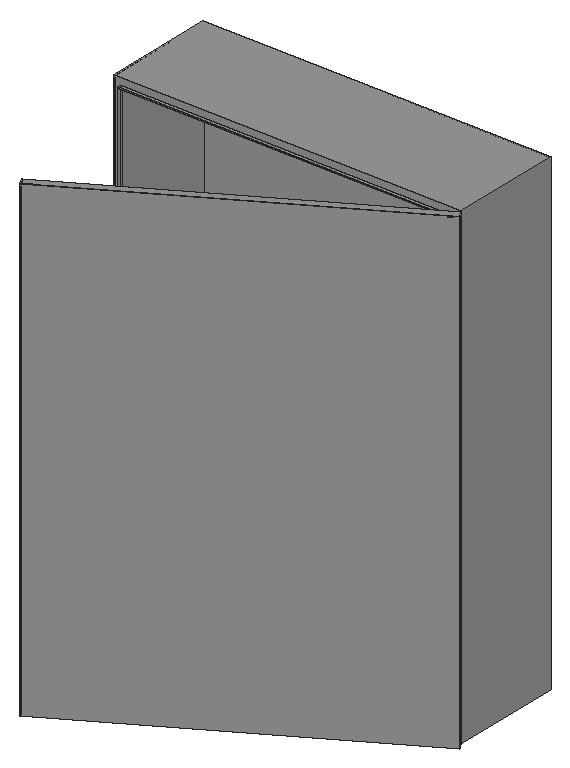
Revit family "Hager-Univers-IP55-D275-H1100-Cl.II-Steel_encl-NoHosted-CH-de", category Equipement électrique, Revit 2020
Family settings
  Configuration du panneau = Deux colonnes, circuits au sein
  Cote de connecteur circulaire = Utiliser le diamètre
  Type d'élément = Tableau de raccordement
  Basée sur le plan de construction = Oui
  Toujours verticalement = Oui
  Couper avec des vides une fois chargée = Non
  Partagée = Non
  Point de calcul de pièce = Non
Parameters (values of type "Aufputz IP55 B800 H1100 T275  - FR73S")
  Width Control [instance] = if([EF000008 - Breite] > Min Width, [EF000008 - Breite], Min Width)  # 800 mm
  Commentaires du type = [HG000003 - Bereich]  # "Univers"
  Thickness Door [instance] = if([EF009171 - Materialstärke Tür/Deckel] > 3 mm, 3 mm, [EF009171 - Materialstärke Tür/Deckel])  # 1.5 mm
  Seal Frame Offset [instance] = 17 mm  # constant formula
  Plinth Visibility [instance] = [HG000027 - Sockelhöhe] > 0 mm  # no
  Min Width [instance] = 100 mm  # constant formula
  Min Depth [instance] = (2 * [EF009170 - Materialstärke Gehäuse]) + 1 mm  # 4 mm
  Min Height [instance] = 100 mm  # constant formula
  Internal Frame Depth [instance] = (Door System Depth * 0.5)  # 9 mm
  Panel Name [instance] = ""  # (empty or 0)
  Model = ""
  HG000027 - Sockelhöhe = 0 mm
  HG000026 - Stehend auf dem Boden = no
  HG000024 - Höhe des unteren Teils = 600 mm
  HG000023 - Gehäuse mit doppeltem Querschnitt = no
  HG000016 - 3D-Türsichtbarkeit [instance] = yes
  HG000015 - Sichtbarkeit der Türöffnung [instance] = no
  HG000014 - Tür rechts [instance] = yes
  HG000013 - Tür links [instance] = not([HG000014 - Tür rechts])  # no
  HG000012 - Türschwenkwinkel [instance] = 30.00°
  HG000010 - Asymmetrische Türen = no
  HG000009 - Doppelflügeligen Tür = no
  HG000006 - Unterputz = no
  HG000004 - Herstellerreferenz = "FR73S"
  HG000003 - Bereich = "Univers"
  HG000002 - Mit tür = yes
  Frame Offset Bottom [instance] = 10 mm  # constant formula
  Frame Offset [instance] = 15 mm  # constant formula
  EF015940 - Deckel mit Überdruckentlastung = no
  EF011959 - Schutzart (NEMA) = ""
  EF009554 - Anzahl der Öffnungen für Flanschplatten = 6
  EF009212 - Ausführung Deckel = "EV000116 - geschlossen"
  EF009171 - Materialstärke Tür/Deckel = 1.5 mm
  EF009170 - Materialstärke Gehäuse = 1.5 mm
  EF008873 - Nennstrom (In) = 800 A
  EF007800 - Geeignet für Blitzschutz = no
  EF006306 - Mit Schloss = no
  EF006244 - Transparenter Deckel/Tür = no
  EF005474 - Schutzart (IP) = "EV006420 - IP55"
  EF004464 - Art der Tür = "EV002646 - Einzel"
  EF004427 - Anzahl der Module = 252
  EF004293 - Schlagfestigkeit = "EV008784 - IK10"
  EF003532 - Geeignet für Außengebrauch = no
  EF002950 - Breite in Teilungseinheiten = 24
  EF001613 - Funktionserhalt = "EV000494 - ohne"
  EF001596 - Werkstoff des Gehäuses = "EV000179 - Stahl"
  EF001131 - Innentiefe = 275 mm
  EF001088 - Anbaumöglichkeit = yes
  EF000437 - Anzahl der Leitungseinführungen = 6
  EF000339 - Art der Abdeckung = "EV004216 - Tür"
  EF000266 - Anzahl der Reihen = 7
  EF000218 - Einbautiefe = 0 mm
  EF000118 - Mit Montageplatte = no
  EF000116 - RAL-Nummer = "7035"
  EF000049 - Tiefe = 275 mm
  EF000040 - Höhe = 1100 mm
  EF000008 - Breite = 800 mm
  EF000007 - Farbe = "EV000270 - grau"
  EF000003 - Montageart = "EV000384 - Aufputz"
  Door System Leaf Tolerance [instance] = 1.5 mm  # constant formula
  Door System Depth [instance] = 18 mm  # constant formula
  Door Height [instance] = Height Control - [HG000027 - Sockelhöhe]  # 1100 mm
  Description = ""
  Default Elevation = 1219.2 mm
  Connector Offset [instance] = Height Control / 2  # 550 mm
  Fabricant = "Hager"  # constant formula
  Height Control [instance] = if([EF000040 - Höhe] > Min Height, [EF000040 - Höhe], Min Height)  # 1100 mm
  Depth Control [instance] = if([EF000049 - Tiefe] > Min Depth, [EF000049 - Tiefe], Min Depth)  # 275 mm
  Bottom Top Plate Trim [instance] = 1.5 mm  # constant formula
  Plinth height Ctrl [instance] = if([HG000027 - Sockelhöhe] > 0 mm, [HG000027 - Sockelhöhe], 12 mm)  # 12 mm
Types (5, lengths in mm): name | Width Control | HG000010 - Asymmetrische Türen | HG000009 - Doppelflügeligen Tür | HG000004 - Herstellerreferenz | EF009554 - Anzahl der Öffnungen für Flanschplatten | EF004464 - Art der Tür | EF004427 - Anzahl der Module | EF000437 - Anzahl der Leitungseinführungen | EF000008 - Breite
  Aufputz IP55 B1050 H1100 T275  - FR74S | 1050 | no | yes | "FR74S" | 8 | "EV003602 - Doppel" | 336 | 8 | 1050
  Aufputz IP55 B1300 H1100 T275  - FR75S | 1300 | yes | yes | "FR75S" | 10 | "EV003602 - Doppel" | 420 | 10 | 1300
  Aufputz IP55 B300 H1100 T275  - FR71S | 300 | no | no | "FR71S" | 2 | "EV002646 - Einzel" | 84 | 2 | 300
  Aufputz IP55 B550 H1100 T275  - FR72S | 550 | no | no | "FR72S" | 4 | "EV002646 - Einzel" | 168 | 4 | 550
  Aufputz IP55 B800 H1100 T275  - FR73S | 800 | no | no | "FR73S" | 6 | "EV002646 - Einzel" | 252 | 6 | 800
Reference planes
  plane 1 "Center (Front/Back)": y = 0
  plane 2: z = 0
  plane 3 "Center (Left/Right)": x = 0
  plane 4: y = 0
  plane 5: y = 0
  plane 6: z = 0
  plane 7: x = -400
  plane 8: x = 400
  plane 9: x = 398.5
  plane 10: x = -398.5
  plane 11: z = 0
  plane 12: z = 1.5
  plane 13: y = -275
  plane 14: y = -1.5
  plane 15: x = 0
  plane 16: y = -257
  plane 17: y = -273.5
  plane 18: y = -255.5
  plane 19: x = -383.5
  plane 20: x = 383.5
  plane 21: z = 11.5
  plane 22: x = -383
  plane 23: x = 383
  plane 24: z = 0
  plane 25: z = 1100
  plane 26: z = 1100
  plane 27: z = 1083.5
  plane 28: z = 1098.5
Forms (mm)
  Extrusion 1, solid, material "Hager_Steel_RAL7035_Light_Grey", detail levels medium+fine
    sketch origin (-208.679, -4572, 0) x (-1, 0, 0) y (0, -1, 0)
      loop
        line (191.321, -4315) -> (-608.679, -4315) -> (-608.679, -4572) -> (191.321, -4572) -> (191.321, -4315)
    from 0 to 1100
  Extrusion 2, void
    sketch origin (-350.771, -275, 1219.2) x (1, 0, 0) y (0, 0, 1)
      loop
        line (-47.729, -120.7) -> (-47.729, -1217.7) -> (749.271, -1217.7) -> (749.271, -120.7) -> (-47.729, -120.7)
    from -19.5 to -273.5
  Extrusion 3, void
    sketch origin (-290.084, -257, 1219.2) x (1, 0, 0) y (0, 0, 1)
      loop
        line (-93.416, -1207.7) -> (673.584, -1207.7) -> (673.584, -135.7) -> (-93.416, -135.7) -> (-93.416, -1207.7)
    from 0 to -1.5
  Extrusion 4, solid, material "Hager_Steel_RAL7035_Light_Grey", visible <- "Plinth Visibility", detail levels medium+fine
    sketch origin (0, 0, 0) x (1, 0, 0) y (0, 1, 0)
      loop
        line (-400, 0) -> (-400, -257) -> (400, -257) -> (400, 0) -> (-400, 0)
    from 0 to 12 <- "Plinth height Ctrl"
  Extrusion 5, solid, material "Hager_Steel_RAL7035_Light_Grey", detail levels coarse
    sketch origin (0, 0, 0) x (1, 0, 0) y (0, 1, 0)
      loop
        line (-400, 0) -> (-400, -275) -> (400, -275) -> (400, 0) -> (-400, 0)
    from 0 to 1100 <- "Height Control"
  Sweep 6, void
    path in 3D
      loop
        line (-400, -257, 12) -> (400, -257, 12) -> (400, 0, 12) -> (-400, 0, 12) -> (-400, -257, 12)
    profile origin (-400, -128.5, 12) x (1, 0, 0) y (0, 0, 1)
      loop
        line (0, 0) -> (0, -1.5) -> (1.5, -1.5)
        arc (1.5, -1.5) -> (1.061, -0.439) -> (0, 0) r 1.5
  Extrusion 7, solid, material "Hager_Steel_RAL7035_Light_Grey", detail levels fine
    sketch origin (-400, -257, 0) x (1, 0, 0) y (0, 0, 1)
      loop
        line (16.5, 11.5) -> (783.5, 11.5) -> (783.5, 1083.5) -> (16.5, 1083.5) -> (16.5, 11.5)
      loop
        line (15, 10) -> (785, 10) -> (785, 1085) -> (15, 1085) -> (15, 10)
    from 0 to 9 <- "Internal Frame Depth"
Cuts and joins
  Extrusion 2, Extrusion 3 cuts Extrusion 1
  Sweep 6 cuts Extrusion 4
Lines and regions (mm)
  Masking region 1
    outline origin (0, 0, 0) x (1, 0, 0) y (0, 1, 0)
      loop
        line (-400, 0) -> (-400, -275) -> (400, -275) -> (400, 0) -> (-400, 0)
  Masking region 2, detail levels coarse
    outline origin (-290.084, -257, 1219.2) x (-1, 0, 0) y (0, 0, 1)
      loop
        line (-690.084, -1219.2) -> (109.916, -1219.2) -> (109.916, -119.2) -> (-690.084, -119.2) -> (-690.084, -1219.2)
  Masking region 3, detail levels coarse
    outline origin (0, 0, 0) x (0, 1, 0) y (0, 0, 1)
      loop
        line (0, 0) -> (0, 1100) -> (-275, 1100) -> (-275, 0) -> (0, 0)
  Masking region 4, visible <- "Plinth Visibility", detail levels medium+fine
    outline origin (0, 0, 0) x (0, 1, 0) y (0, 0, 1)
      loop
        line (-1.5, 12) -> (-255.5, 12)
        arc (-255.5, 12) -> (-255.939, 10.939) -> (-257, 10.5) r 1.5
        line (-257, 10.5) -> (-257, 0) -> (0, 0) -> (0, 10.5)
        arc (0, 10.5) -> (-1.061, 10.939) -> (-1.5, 12) r 1.5
  Masking region 5, detail levels medium+fine
    outline origin (0, 0, 594.038) x (0, 1, 0) y (0, 0, 1)
      loop
        line (0, -594.038) -> (0, 505.962) -> (-257, 505.962) -> (-257, -594.038) -> (0, -594.038)
  Masking region 6, detail levels medium+fine
    outline origin (-359.7, -257, 1211.883) x (-1, 0, 0) y (0, 0, 1)
      loop
        line (-759.7, -1211.883) -> (40.3, -1211.883) -> (40.3, -111.883) -> (-759.7, -111.883) -> (-759.7, -1211.883)
  Masking region 7, visible <- "Plinth Visibility", detail levels medium+fine
    outline origin (-320.334, -257, 1041.368) x (-1, 0, 0) y (0, 0, 1)
      loop
        line (-720.334, -1041.368) -> (79.666, -1041.368) -> (79.666, -1030.868)
        arc (79.666, -1030.868) -> (78.606, -1030.429) -> (78.166, -1029.368) r 1.5
        line (78.166, -1029.368) -> (-718.834, -1029.368)
        arc (-718.834, -1029.368) -> (-719.273, -1030.429) -> (-720.334, -1030.868) r 1.5
        line (-720.334, -1030.868) -> (-720.334, -1041.368)
  sketch lines
    curve 1: line (-400, 0, 12) -> (-400, -257, 12)
    curve 2: line (-400, -257, 12) -> (400, -257, 12)
    curve 3: line (400, 0, 12) -> (-400, 0, 12)
    curve 4: line (400, -257, 12) -> (400, 0, 12)
Dimensions and locks
  locked: plane 1 "Center (Front/Back)" to plane 5
  "EF009170 - Materialstärke Gehäuse": plane 7 to plane 10
  "EF009170 - Materialstärke Gehäuse": plane 8 to plane 9
  equal spacing: plane 7, plane 3 "Center (Left/Right)", plane 8
  "Width Control": plane 7 to plane 8
  "Depth Control": plane 4 to plane 13
  "EF009170 - Materialstärke Gehäuse": plane 4 to plane 14
  "Height Control": plane 25 to level
  "HG000027 - Sockelhöhe": plane 11 to level
  "EF009170 - Materialstärke Gehäuse": plane 12 to plane 11
  "EF009170 - Materialstärke Gehäuse": plane 17 to plane 13
  "EF009170 - Materialstärke Gehäuse": plane 18 to plane 16
  "Frame Offset Bottom": plane 21 to plane 12
  "Frame Offset": plane 10 to plane 19
  "Frame Offset": plane 9 to plane 20
  "Door System Depth": plane 16 to plane 13
  "Seal Frame Offset": plane 7 to plane 22
  "Seal Frame Offset": plane 8 to plane 23
  "EF009170 - Materialstärke Gehäuse": plane 26 to plane 28
  "Frame Offset": plane 28 to plane 27
  "Connector Offset": plane 2 to connector elem
  "Bottom Top Plate Trim": profile plane to Sweep 6 sketch curve
  "Bottom Top Plate Trim": Sweep 6 sketch curve to Sweep 6 sketch curve
  "Plinth height Ctrl": Masking region 4 sketch curve to level
  "Plinth height Ctrl": Masking region 7 sketch curve to level
  "Thickness Door": Extrusion 7 sketch curve to Extrusion 7 sketch curve  (x4)
  "Bottom Top Plate Trim": radius of Sweep 6 sketch curve
  "Bottom Top Plate Trim": radius of Masking region 4 sketch curve  (x2)
  "Bottom Top Plate Trim": radius of Masking region 7 sketch curve  (x2)
  aligned and locked: Extrusion 2 sketch curve to plane 12
  aligned and locked: Extrusion 2 sketch curve to plane 9
  aligned and locked: Extrusion 2 sketch curve to plane 10
  aligned and locked: Extrusion 2 to plane 14
  aligned and locked: Extrusion 1 sketch curve to plane 4
  aligned and locked: plane 8 to Extrusion 1 sketch curve
  aligned and locked: plane 7 to Extrusion 1 sketch curve
  aligned and locked: Extrusion 2 to plane 18
  aligned and locked: Extrusion 3 sketch curve to plane 19
  aligned and locked: plane 20 to Extrusion 3 sketch curve
  aligned and locked: Extrusion 3 to Extrusion 2
  aligned and locked: Extrusion 3 sketch curve to plane 21
  aligned and locked: plane 3 "Center (Left/Right)" to nested 1
  aligned and locked: Extrusion 1 sketch curve to plane 16
  aligned and locked: Extrusion 4 sketch curve to cut or joined group of Extrusion 1, Extrusion 2, Extrusion 3
  aligned and locked: Masking region 1 sketch curve to plane 7
  aligned and locked: Masking region 1 sketch curve to plane 5
  aligned and locked: Masking region 1 sketch curve to plane 8
  aligned and locked: Masking region 2 sketch curve to level
  aligned and locked: level to Masking region 3 sketch curve
  aligned and locked: plane 1 "Center (Front/Back)" to Masking region 3 sketch curve
  aligned and locked: plane 13 to Masking region 3 sketch curve
  aligned and locked: plane 5 to Masking region 4 sketch curve
  aligned and locked: Masking region 2 sketch curve to plane 8
  aligned and locked: Masking region 2 sketch curve to plane 7
  aligned and locked: plane 7 to nested 2
  aligned and locked: nested 2 to plane 5
  aligned and locked: plane 5 to Masking region 5 sketch curve
  aligned and locked: plane 26 to Masking region 5 sketch curve
  aligned and locked: Extrusion 5 sketch curve to plane 8
  aligned and locked: Extrusion 5 sketch curve to plane 7
  aligned and locked: Extrusion 5 sketch curve to plane 5
  aligned and locked: Extrusion 3 sketch curve to plane 27
  aligned and locked: Extrusion 2 sketch curve to plane 28
  aligned and locked: Masking region 2 to plane 25
  aligned and locked: Extrusion 4 to plane 16
  aligned and locked: profile plane to Sweep 6 sketch curve
  aligned and locked: Masking region 5 sketch curve to plane 24
  aligned and locked: level to Masking region 4 sketch curve
  aligned and locked: Masking region 1 to plane 13
  aligned and locked: nested 1 to plane 16
  aligned and locked: Masking region 3 to plane 25
  aligned and locked: plane 16 to Masking region 4 sketch curve
  aligned and locked: Masking region 5 sketch curve to plane 16
  aligned and locked: plane 24 to plane 11
  aligned and locked: plane 26 to plane 25
  aligned and locked: plane 26 to cut or joined group of Extrusion 1, Extrusion 2, Extrusion 3
  aligned and locked: nested 1 to plane 24
  aligned and locked: Extrusion 1 to Extrusion 3
  aligned and locked: Masking region 6 sketch curve to plane 8
  aligned and locked: Masking region 6 sketch curve to plane 24
  aligned and locked: Masking region 6 sketch curve to plane 7
  aligned and locked: Masking region 6 sketch curve to plane 26
  aligned and locked: Masking region 7 sketch curve to plane 7
  aligned and locked: level to Masking region 7 sketch curve
  aligned and locked: Masking region 7 sketch curve to plane 8
  aligned and locked: Extrusion 7 sketch curve to cut or joined group of Extrusion 1, Extrusion 2, Extrusion 3  (x4)
Automatic sketch dimensions
  plane 19 to Extrusion 3 sketch curve = 0 mm
  Extrusion 3 sketch curve to plane 20 = 0 mm
  Extrusion 3 sketch curve to plane 21 = 0 mm
  Extrusion 4 sketch curve to plane 7 = 0 mm
  Extrusion 4 sketch curve to plane 8 = 0 mm
  Extrusion 4 sketch curve to plane 16 = 0 mm
  Masking region 1 sketch curve to plane 13 = 0 mm
  Masking region 2 sketch curve to plane 25 = 0 mm
  Masking region 3 sketch curve to plane 25 = 0 mm
  Extrusion 5 sketch curve to plane 13 = 0 mm
  profile plane to Sweep 6 sketch curve = 0 mm
Nested families
  nested 1: "EC000058_Univers_Door" at (0, -257, 0), Double <- "HG000009 - Doppelflügeligen Tür", Transparent <- "EF006244 - Transparenter Deckel/Tür", Angle <- "HG000012 - Türschwenkwinkel", Door_Right <- "HG000014 - Tür rechts", Assymetrical <- "HG000010 - Asymmetrische Türen", Door <- "HG000002 - Mit tür", Width_Ctrl <- "Width Control", 3d_Door <- "HG000016 - 3D-Türsichtbarkeit", Clearance <- "HG000015 - Sichtbarkeit der Türöffnung", Door_Left <- "HG000013 - Tür links", Width <- "Width Control", Door_Depth <- "Door System Depth", Leaf_Tolerance <- "Door System Leaf Tolerance", Height <- "Door Height", Lock_Visibility <- "EF006306 - Mit Schloss", Thickness <- "Thickness Door", type "EC000058_Univers_Door", detail levels medium+fine
    with min_wh 4 mm, Width_Ctrl 800 mm, Width 800 mm, Transparent no, Thickness 1.5 mm, Seal_Material Hager_Rubber, Lock_Visibility no, Lock_Material Hager_Plastic_RAL9005_Jet_Black, Leaf_Width 800 mm, Leaf_Tolerance_External_Sides 0 mm, Leaf_Tolerance 1.5 mm, Leaf_Offset 0 mm, Leaf_Height 1097 mm, Leaf_2_Width 800 mm, Leaf_2_Offset 400 mm, Leaf_1_Width 800 mm, Leaf_1_Offset 400 mm, Height_Ctrl 1100 mm, Height 1100 mm, Glass_Material Hager_Glass, Double_Clearance_Ctrl no, Double no, Door_Right_Ctrl yes, Door_Right yes, Door_Material Hager_Steel_RAL7035_Light_Grey, Door_Left_Ctrl no, Door_Left no, Door_Depth 18 mm, Door yes, Clearance_Material Hager_Clearance, Clearance_Depth 800 mm, Clearance_Ctrl no, Clearance no, Assymetrical no, Angle 30.00°, 3d_Door yes
  nested 2: "Hager_Enclosure_Symbol" at (-400, 0, 0), Height <- "Depth Control", Width <- "Width Control", type "Hager_Enclosure_Symbol"
    with Width_Ctrl 800 mm, Width 800 mm, Height_Ctrl 275 mm, Height 275 mm, A_Width_Int 18.047 mm, A_Width 216.562 mm, A_Height_Ctrl 240.625 mm, A_Height 240.625 mm
Connectors
  electrical at (0, 0, 550)
    settings: on plane 1 "Center (Front/Back)", index 1, voltage 0 V, apparent load 0 VA, apparent load phase1 0 VA, apparent load phase2 0 VA, apparent load phase3 0 VA, power factor 1, load classification "Other", number of poles 1, system type 30, power factor state 1, is connector primary yes, connector utility no, sub classification motor no, connector description ""
Definition of nested family "EC000058_Univers_Door"
  Parameters (values of type "EC000058_Univers_Door")
    min_wh [instance] = (2 * Thickness) + 1 mm  # 11 mm
    Width_Ctrl [instance] = 400 mm
    Width [instance] = 500 mm
    Transparent [instance] = yes
    Thickness [instance] = 5 mm
    Seal_Material [instance] = none
    Lock_Visibility [instance] = yes
    Lock_Material [instance] = none
    Leaf_Width [instance] = if((Width_Ctrl - 2 * Leaf_Tolerance_External_Sides) > 0 mm, (Width_Ctrl - 2 * Leaf_Tolerance_External_Sides), min_wh)  # 400 mm
    Leaf_Tolerance_External_Sides [instance] = 0 mm  # constant formula
    Leaf_Tolerance [instance] = 1.5 mm
    Leaf_Offset [instance] = 0 mm  # constant formula
    Leaf_Height [instance] = if((Height_Ctrl - 2 * Leaf_Tolerance) > 0 mm, (Height_Ctrl - 2 * Leaf_Tolerance), min_wh)  # 497 mm
    Leaf_2_Width [instance] = if(and(and(Double, Assymetrical), Door_Left), (Leaf_Width / 3) - (Leaf_Tolerance / 2), if(and(and(Double, Assymetrical), Door_Right), (Leaf_Width / 3) * 2 - (Leaf_Tolerance / 2), if(and(Double, not(Assymetrical)), (Leaf_Width / 2) - Leaf_Tolerance, Leaf_Width)))  # 400 mm
    Leaf_2_Offset [instance] = if(and(Double, Assymetrical), Leaf_2_Width / 2, if(and(Double, not(Assymetrical)), Leaf_Width / 4, Leaf_Width / 2))  # 200 mm
    Leaf_1_Width [instance] = if(and(and(Double, Assymetrical), Door_Right), (Leaf_Width / 3) - (Leaf_Tolerance / 2), if(and(and(Double, Assymetrical), Door_Left), (Width / 3) * 2 - (Leaf_Tolerance / 2), if(and(Double, not(Assymetrical)), (Leaf_Width / 2) - Leaf_Tolerance, Leaf_Width)))  # 400 mm
    Leaf_1_Offset [instance] = if(and(Double, Assymetrical), Leaf_1_Width / 2, if(and(Double, not(Assymetrical)), Leaf_Width / 4, Leaf_Width / 2))  # 200 mm
    Height_Ctrl [instance] = if(Height > min_wh, Height, min_wh)  # 500 mm
    Height [instance] = 500 mm
    Glass_Material [instance] = none
    Double_Clearance_Ctrl [instance] = and(Double, Clearance)  # no
    Double [instance] = no
    Door_Right_Ctrl [instance] = and(or(Door_Right, Double), Door)  # yes
    Door_Right [instance] = yes
    Door_Material [instance] = none
    Door_Left_Ctrl [instance] = and(or(Door_Left, Double), Door)  # no
    Door_Left [instance] = no
    Door_Depth [instance] = 30 mm
    Door [instance] = yes
    Default Elevation = 1219.2 mm
    Clearance_Material [instance] = none
    Clearance_Depth [instance] = if(Leaf_1_Width > Leaf_2_Width, Leaf_1_Width, Leaf_2_Width)  # 400 mm
    Clearance_Ctrl [instance] = and(not(Double), Clearance)  # yes
    Clearance [instance] = yes
    Assymetrical [instance] = yes
    Angle [instance] = 30.00°
    3d_Door [instance] = yes
  Reference planes
    plane 1 "Center (Front/Back)": y = 0
    plane 2 "Bottom": z = 0
    plane 3 "Center (Left/Right)": x = 0
    plane 4: z = 500
    plane 5: x = -200
    plane 6: x = 200
    plane 7: z = 500
    plane 8: x = -200
    plane 9: z = 0
    plane 10: x = 200
    plane 11: y = 0
    plane 12: z = 1.5
    plane 13: x = -600
    plane 14: y = -400
    plane 15: x = 600
    plane 16: x = 0
    plane 17: x = 0
    plane 18: x = -200
    plane 19: x = 200
    plane 20: z = 498.5
  Forms (mm)
    Extrusion 1, solid, material <- "Clearance_Material", visible <- "Double_Clearance_Ctrl"
      sketch origin (1200, 0, 0) x (1, 0, 0) y (0, 0, -1)
        loop
          line (-1800, -498.5) -> (-600, -498.5) -> (-600, 0) -> (-1800, 0) -> (-1800, -498.5)
      from 0 to -400
  Dimensions and locks
    equal spacing: plane 5, plane 3 "Center (Left/Right)", plane 6
    "Width_Ctrl": plane 5 to plane 6
    "Leaf_Offset": plane 5 to plane 8
    "Leaf_Offset": plane 6 to plane 10
    "Leaf_Offset": plane 9 to level
    "Leaf_Offset": plane 4 to plane 7
    "Height_Ctrl": plane 4 to level
    "Leaf_Tolerance": plane 12 to plane 9
    locked: plane 11 to plane 1 "Center (Front/Back)"
    "Leaf_1_Offset": plane 18 to plane 16
    "Leaf_2_Offset": plane 17 to plane 19
    "Leaf_1_Width": plane 13 to plane 8
    "Leaf_2_Width": plane 10 to plane 15
    "Clearance_Depth": plane 14 to plane 1 "Center (Front/Back)"
    "Leaf_Tolerance_External_Sides": plane 8 to plane 18
    "Leaf_Tolerance_External_Sides": plane 19 to plane 10
    "Leaf_Tolerance": plane 7 to plane 20
    aligned and locked: level to plane 2 "Bottom"
    aligned and locked: nested 1 to plane 16
    aligned and locked: nested 2 to plane 17
    aligned and locked: Extrusion 1 to plane 13
    aligned and locked: plane 15 to Extrusion 1
    aligned and locked: Extrusion 1 to plane 14
    aligned and locked: plane 12 to nested 1
    aligned and locked: nested 2 to plane 12
    aligned and locked: Extrusion 1 to plane 11
    aligned and locked: plane 20 to Extrusion 1
    aligned and locked: nested 2 to plane 11
    aligned and locked: nested 1 to plane 11
  Automatic sketch dimensions
    Extrusion 1 sketch curve to level = 0 mm
    plane 5 to Extrusion 1 sketch curve = 400 mm
    plane 6 to Extrusion 1 sketch curve = 400 mm
    Extrusion 1 sketch curve to plane 4 = 1.5 mm
  Nested families
    nested 1: "EC000058_Univers_Door_Leaf" at (0, 0, 1.5), Width <- "Leaf_1_Width", visible <- "Door_Left_Ctrl", Leaf_Height <- "Leaf_Height", Angle <- "Angle", 3d_Door <- "3d_Door", Transparent <- "Transparent", Clearance Material <- "Clearance_Material", Clearance <- "Clearance_Ctrl", Door_Material <- "Door_Material", Glass_Material <- "Glass_Material", Door_Depth <- "Door_Depth", Lock_Material <- "Lock_Material", Seal_Material <- "Seal_Material", Lock_Visibility <- "Lock_Visibility", Thickness <- "Thickness", type "EC000058_Univers_Door_Leaf"
      with Width 400 mm, Transparent_Glass_Offset 30 mm, Transparent_Ctrl yes, Transparent yes, Thickness 5 mm, Standard no, Seal_Material none, Seal_D2 8 mm, Seal_D1 1 mm, Offset_Internal_Frame 10 mm, Lock_Width 20 mm, Lock_Visibility_3d yes, Lock_Visibility yes, Lock_Thickness_3 3 mm, Lock_Thickness_2 1 mm, Lock_Thickness_1 3 mm, Lock_Radius_Offset_2 16 mm, Lock_Radius_Offset_1 15 mm, Lock_Radius_2 5 mm, Lock_Radius 6 mm, Lock_Offset 5 mm, Lock_Material none, Lock_Height 80 mm, Lock_Cover_Top_Offset_2d 17 mm, Lock_Cover_Height -65 mm, Leaf_Height 497 mm, Internal_Seal_Thickness 8 mm, Internal_Seal_Depth_2 4.5 mm, Internal_Frame_Depth 25 mm, Glass_Thickness -1 mm, Glass_Offset -2 mm, Glass_Material none, Door_Material none, Door_Depth 30 mm, Clearance Material none, Clearance yes, Angle_Ctrl 30.00°, Angle 30.00°, 3d_Door yes
    nested 2: "EC000058_Univers_Door_Leaf" at (0, 0, 1.5) x (-1, 0, 0) z (0, 0, 1), Width <- "Leaf_2_Width", visible <- "Door_Right_Ctrl", Leaf_Height <- "Leaf_Height", Angle <- "Angle", 3d_Door <- "3d_Door", Transparent <- "Transparent", Clearance Material <- "Clearance_Material", Clearance <- "Clearance_Ctrl", Door_Material <- "Door_Material", Glass_Material <- "Glass_Material", Door_Depth <- "Door_Depth", Lock_Material <- "Lock_Material", Seal_Material <- "Seal_Material", Lock_Visibility <- "Lock_Visibility", Thickness <- "Thickness", type "EC000058_Univers_Door_Leaf"
      with Width 400 mm, Transparent_Glass_Offset 30 mm, Transparent_Ctrl yes, Transparent yes, Thickness 5 mm, Standard no, Seal_Material none, Seal_D2 8 mm, Seal_D1 1 mm, Offset_Internal_Frame 10 mm, Lock_Width 20 mm, Lock_Visibility_3d yes, Lock_Visibility yes, Lock_Thickness_3 3 mm, Lock_Thickness_2 1 mm, Lock_Thickness_1 3 mm, Lock_Radius_Offset_2 16 mm, Lock_Radius_Offset_1 15 mm, Lock_Radius_2 5 mm, Lock_Radius 6 mm, Lock_Offset 5 mm, Lock_Material none, Lock_Height 80 mm, Lock_Cover_Top_Offset_2d 17 mm, Lock_Cover_Height -65 mm, Leaf_Height 497 mm, Internal_Seal_Thickness 8 mm, Internal_Seal_Depth_2 4.5 mm, Internal_Frame_Depth 25 mm, Glass_Thickness -1 mm, Glass_Offset -2 mm, Glass_Material none, Door_Material none, Door_Depth 30 mm, Clearance Material none, Clearance yes, Angle_Ctrl 30.00°, Angle 30.00°, 3d_Door yes
  Definition of nested family "EC000058_Univers_Door_Leaf"
    Parameters (values of type "EC000058_Univers_Door_Leaf")
      Width [instance] = 2000 mm
      Transparent_Glass_Offset [instance] = 30 mm
      Transparent_Ctrl [instance] = and(Transparent, [3d_Door])  # yes
      Transparent [instance] = yes
      Thickness [instance] = 5 mm
      Standard [instance] = and(not(Transparent), [3d_Door])  # no
      Seal_Material [instance] = none
      Seal_D2 [instance] = 8 mm  # constant formula
      Seal_D1 [instance] = 1 mm  # constant formula
      Offset_Internal_Frame [instance] = 10 mm  # constant formula
      Lock_Width [instance] = 20 mm  # constant formula
      Lock_Visibility_3d [instance] = and(Lock_Visibility, [3d_Door])  # yes
      Lock_Visibility [instance] = yes
      Lock_Thickness_3 [instance] = 3 mm  # constant formula
      Lock_Thickness_2 [instance] = 1 mm  # constant formula
      Lock_Thickness_1 [instance] = 3 mm  # constant formula
      Lock_Radius_Offset_2 [instance] = Lock_Radius_Offset_1 + 1 mm  # 16 mm
      Lock_Radius_Offset_1 [instance] = 15 mm  # constant formula
      Lock_Radius_2 [instance] = Lock_Radius - 1 mm  # 5 mm
      Lock_Radius [instance] = 6 mm  # constant formula
      Lock_Offset [instance] = 5 mm  # constant formula
      Lock_Material [instance] = none
      Lock_Height [instance] = 80 mm  # constant formula
      Lock_Cover_Top_Offset_2d [instance] = Lock_Radius_Offset_2 + 1 mm  # 17 mm
      Lock_Cover_Height [instance] = -(Lock_Height - Lock_Radius_Offset_1)  # -65 mm
      Leaf_Height [instance] = 2720.336 mm
      Internal_Seal_Thickness [instance] = 8 mm  # constant formula
      Internal_Seal_Depth_2 [instance] = 4.5 mm  # constant formula
      Internal_Frame_Depth [instance] = if(Door_Depth - Thickness > 5 mm, Door_Depth - Thickness, 5 mm)  # 25 mm
      Glass_Thickness [instance] = if(Thickness > 15 mm, Glass_Offset + 10 mm, -1 mm)  # -1 mm
      Glass_Offset [instance] = if(Thickness > 15 mm, -(Thickness + 10 mm) / 2, -2 mm)  # -2 mm
      Glass_Material [instance] = none
      Door_Material [instance] = none
      Door_Depth [instance] = 30 mm
      Default Elevation = 0 mm
      Clearance Material [instance] = none
      Clearance [instance] = yes
      Angle_Ctrl [instance] = if(Angle > 180.00°, 180.00°, Angle)  # 90.00°
      Angle [instance] = 90.00°
      3d_Door [instance] = yes
    Reference planes
      plane 1 "Center (Front/Back)": y = 0
      plane 2: z = 0
      plane 3 "Center (Left/Right)": x = 0
      plane 4: y = 2000
      plane 5: x = -1000
      plane 6: x = 1000
      plane 7: x = -3000
      plane 8: z = 2720.336
      plane 9: z = 30
      plane 10: z = 2690.336
      plane 11: x = 970
      plane 12: x = -970
      plane 13: y = -3
      plane 14: z = 107.833
      plane 15: y = -5
      plane 16: y = -223.314
      plane 17: x = -1000
      plane 18: z = 1360.168
      plane 19: y = 30
    Forms (mm)
      Extrusion 1, solid, material <- "Clearance Material", visible <- "Clearance"
        sketch origin (0, 0, 0) x (1, 0, 0) y (0, 0, 1)
          loop
            line (-3000, 2720.336) -> (-3000, 0) -> (1000, 0) -> (1000, 2720.336) -> (-3000, 2720.336)
        from 0 to -2000
      Extrusion 2, solid, material <- "Door_Material", visible <- "Standard", detail levels medium+fine
        sketch origin (-1000, 0, 0) x (0, 1, 0) y (-1, 0, 0)
          loop
            line (0, 30) -> (0, 25) -> (2000, 25) -> (2000, 30) -> (0, 30)
        from 0 to 2720.336 <- "Leaf_Height"
      Extrusion 3, solid, material <- "Door_Material", visible <- "Transparent_Ctrl", detail levels medium+fine
        sketch origin (-1000, 0, 0) x (0, 1, 0) y (-1, 0, 0)
          loop
            line (0, 25) -> (2000, 25) -> (2000, 30) -> (0, 30) -> (0, 25)
        from 0 to 2720.336 <- "Leaf_Height"
      Extrusion 4, void
        sketch origin (-1025, 2000, 0) x (0, 1, 0) y (0, 0, -1)
          loop
            line (-30, -2690.336) -> (-30, -30) -> (-1970, -30) -> (-1970, -2690.336) -> (-30, -2690.336)
        from 0 to 5 <- "Thickness"
      Sweep 5, solid, material <- "Seal_Material", visible <- "Transparent_Ctrl", detail levels fine
        path in 3D
          loop
            line (-1025, 30, 30) -> (-1025, 30, 2690.336) -> (-1025, 1970, 2690.336) -> (-1025, 1970, 30) -> (-1025, 30, 30)
        profile origin (-1025, 1000, 30) x (1, 0, 0) y (0, 0, 1)
          loop
            line (0, 0) -> (0, -8) -> (1, -8) -> (1, 0) -> (0, 0)
      Extrusion 6, solid, material <- "Glass_Material", visible <- "Transparent_Ctrl", detail levels medium+fine
        sketch origin (-1030, 0, 0) x (0, 1, 0) y (0, 0, -1)
          loop
            line (1970, -2690.336) -> (1970, -30) -> (30, -30) -> (30, -2690.336) -> (1970, -2690.336)
        from -2 <- "Glass_Offset" to -1 <- "Glass_Thickness"
      Extrusion 7, solid, material <- "Door_Material", visible <- "3d_Door", detail levels medium+fine
        sketch origin (-1025, 2000, 0) x (0, -1, 0) y (0, 0, -1)
          loop
            line (0, -2720.336) -> (2000, -2720.336) -> (2000, 0) -> (0, 0) -> (0, -2720.336)
          loop
            line (1995, -5) -> (5, -5) -> (5, -2715.336) -> (1995, -2715.336) -> (1995, -5)
        from 0 to 25 <- "Internal_Frame_Depth"
      Sweep 8, solid, material <- "Seal_Material", visible <- "Transparent_Ctrl", detail levels fine
        path in 3D
          loop
            line (-1025, 0, 0) -> (-1025, 2000, 0) -> (-1025, 2000, 2720.336) -> (-1025, 0, 2720.336) -> (-1025, 0, 0)
        profile origin (-1025, 0, 1360.168) x (1, 0, 0) y (0, 1, 0)
          loop
            line (0, 10) -> (2.975, 10)
            arc (2.975, 10) -> (4.053, 10.447) -> (4.5, 11.525) r 1.525
            line (4.5, 11.525) -> (4.5, 16.527)
            arc (4.5, 16.527) -> (4.069, 17.569) -> (3.027, 18) r 1.473
            line (3.027, 18) -> (0, 18) -> (0, 10)
      Extrusion 9, solid, material <- "Lock_Material", visible <- "Lock_Visibility_3d", detail levels fine
        sketch origin (-1030, 0, 0) x (0, 1, 0) y (0, 0, -1)
          loop
            arc (1993.5, -1400.168) -> (1994.561, -1399.729) -> (1995, -1398.668) r 1.5
            line (1995, -1398.668) -> (1995, -1320.168) -> (1975, -1320.168) -> (1975, -1398.668)
            arc (1975, -1398.668) -> (1975.439, -1399.729) -> (1976.5, -1400.168) r 1.5
            line (1976.5, -1400.168) -> (1993.5, -1400.168)
        from 3 <- "Lock_Thickness_1" to 0
      Blend 10, solid, material <- "Lock_Material", visible <- "Lock_Visibility_3d", detail levels fine
        base sketch origin (-1033, 0, 0) x (0, 1, 0) y (0, 0, -1)
          loop
            line (1975, -1320.168) -> (1975, -1398.668)
            arc (1975, -1398.668) -> (1975.439, -1399.729) -> (1976.5, -1400.168) r 1.5
            line (1976.5, -1400.168) -> (1993.5, -1400.168)
            arc (1993.5, -1400.168) -> (1994.561, -1399.729) -> (1995, -1398.668) r 1.5
            line (1995, -1398.668) -> (1995, -1320.168) -> (1975, -1320.168)
        top sketch origin (-1033, 0, 0) x (0, 1, 0) y (0, 0, -1)
          loop
            line (1976, -1320.168) -> (1976, -1398.668)
            arc (1976, -1398.668) -> (1976.146, -1399.022) -> (1976.5, -1399.168) r 0.5
            line (1976.5, -1399.168) -> (1993.5, -1399.168)
            arc (1993.5, -1399.168) -> (1993.854, -1399.022) -> (1994, -1398.668) r 0.5
            line (1994, -1398.668) -> (1994, -1320.168) -> (1976, -1320.168)
        from 0 to 1 <- "Lock_Thickness_2"
      Blend 11, solid, material <- "Lock_Material", visible <- "Lock_Visibility_3d", detail levels fine
        base sketch origin (-1034, 0, 0) x (0, 1, 0) y (0, 0, -1)
          loop
            line (1978, -1320.168) -> (1978, -1384.168)
            arc (1978, -1384.168) -> (1985, -1391.168) -> (1992, -1384.168) r 7
            line (1992, -1384.168) -> (1992, -1320.168) -> (1978, -1320.168)
        top sketch origin (-1034, 0, 0) x (0, 1, 0) y (0, 0, -1)
          loop
            line (1991, -1320.168) -> (1979, -1320.168) -> (1979, -1383.168)
            arc (1979, -1383.168) -> (1985, -1389.168) -> (1991, -1383.168) r 6
            line (1991, -1383.168) -> (1991, -1320.168)
        from 0 to 3 <- "Lock_Thickness_3"
      Extrusion 12, solid, material <- "Lock_Material", visible <- "Lock_Visibility_3d", detail levels fine
        sketch origin (-1030, 1975, 1320.168) x (1, 0, 0) y (0, -1, 0)
          loop
            line (-7, -19) -> (-7, -1) -> (0, -1) -> (0, 0) -> (-8, 0) -> (-8, -20) -> (0, -20) -> (0, -19) -> (-7, -19)
        from 0 to -65 <- "Lock_Cover_Height"
      Extrusion 13, void
        sketch origin (-1038, 1995, 1320.168) x (-1, 0, 0) y (0, 0, -1)
          loop
            line (-5, -65) -> (0, -65) -> (-5, -60) -> (-5, -65)
        from 0 to 20 <- "Lock_Width"
      Extrusion 14, void
        sketch origin (-1038, 1975, 1320.168) x (0, -1, 0) y (0, 0, -1)
          loop
            circle (-10, -15.995) r 6
          loop
            circle (-10, -15.995) r 5
        from 0 to 2
      Extrusion 15, solid, material <- "Lock_Material", visible <- "Lock_Visibility_3d", detail levels medium
        sketch origin (-1030, 0, 0) x (0, 1, 0) y (0, 0, -1)
          loop
            arc (1993.5, -1400.168) -> (1994.561, -1399.729) -> (1995, -1398.668) r 1.5
            line (1995, -1398.668) -> (1995, -1320.168) -> (1975, -1320.168) -> (1975, -1398.668)
            arc (1975, -1398.668) -> (1975.439, -1399.729) -> (1976.5, -1400.168) r 1.5
            line (1976.5, -1400.168) -> (1993.5, -1400.168)
        from 8 to 0
    Cuts and joins
      Extrusion 4 cuts Extrusion 3
      Extrusion 13, Extrusion 14 cuts Extrusion 9
      Extrusion 14 cuts Blend 11
      Extrusion 13, Extrusion 14 cuts Extrusion 12
      joined: Extrusion 9, Blend 10, Blend 11, Extrusion 12
      Extrusion 14 cuts Extrusion 15
    Lines and regions (mm)
      Masking region 1, visible <- "Lock_Visibility", detail levels fine
        outline origin (0, 0, 0) x (0, 1, 0) y (0, 0, 1)
          loop
            line (30, 1320.168) -> (33, 1320.168) -> (33, 1400.168) -> (30, 1400.168) -> (30, 1320.168)
      Masking region 2, visible <- "Lock_Visibility", detail levels fine
        outline origin (0, 3.143, 0) x (0, 1, 0) y (0, 0, 1)
          loop
            line (29.857, 1354.168) -> (30.857, 1354.168) -> (30.857, 1366.168) -> (29.857, 1366.168) -> (29.857, 1354.168)
      Masking region 3, detail levels medium+fine
        outline origin (0, 0, 0) x (0, 1, 0) y (0, 0, 1)
          loop
            line (0, 0) -> (30, 0) -> (30, 2720.336) -> (0, 2720.336) -> (0, 0)
      Masking region 4, detail levels medium+fine
        outline origin (0, 0, 0) x (1, 0, 0) y (0, 0, 1)
          loop
            line (-1000, 2720.336) -> (-1000, 0) -> (1000, 0) -> (1000, 2720.336) -> (-1000, 2720.336)
      Masking region 5, visible <- "Lock_Visibility", detail levels fine
        outline origin (-47.116, 0, 0) x (1, 0, 0) y (0, 0, 1)
          loop
            arc (1024.616, 1399.168) -> (1023.556, 1398.729) -> (1023.116, 1397.668) r 1.5
            line (1023.116, 1397.668) -> (1023.116, 1320.168) -> (1041.116, 1320.168) -> (1041.116, 1397.668)
            arc (1041.116, 1397.668) -> (1040.677, 1398.729) -> (1039.616, 1399.168) r 1.5
            line (1039.616, 1399.168) -> (1024.616, 1399.168)
      Masking region 6, visible <- "Lock_Visibility", detail levels medium+fine
        outline origin (-25, 0, 0) x (1, 0, 0) y (0, 0, 1)
          loop
            arc (1001.5, 1400.168) -> (1000.439, 1399.729) -> (1000, 1398.668) r 1.5
            line (1000, 1398.668) -> (1000, 1320.168) -> (1020, 1320.168) -> (1020, 1398.668)
            arc (1020, 1398.668) -> (1019.561, 1399.729) -> (1018.5, 1400.168) r 1.5
            line (1018.5, 1400.168) -> (1001.5, 1400.168)
      Masking region 7, visible <- "Lock_Visibility", detail levels fine
        outline origin (-73.735, 0, 0) x (1, 0, 0) y (0, 0, 1)
          loop
            line (1051.735, 1382.168) -> (1065.735, 1382.168) -> (1065.735, 1384.168)
            arc (1065.735, 1384.168) -> (1058.735, 1391.168) -> (1051.735, 1384.168) r 7
            line (1051.735, 1384.168) -> (1051.735, 1382.168)
      Masking region 8, visible <- "Lock_Visibility", detail levels fine
        outline origin (-73.735, 0, 0) x (1, 0, 0) y (0, 0, 1)
          loop
            line (1052.735, 1382.168) -> (1064.735, 1382.168) -> (1064.735, 1383.168)
            arc (1064.735, 1383.168) -> (1058.735, 1389.168) -> (1052.735, 1383.168) r 6
            line (1052.735, 1383.168) -> (1052.735, 1382.168)
      Masking region 9, visible <- "Lock_Visibility", detail levels fine
        outline origin (-25, 0, 0) x (1, 0, 0) y (0, 0, 1)
          loop
            line (1020, 1320.168) -> (1020, 1382.168) -> (1000, 1382.168) -> (1000, 1320.168) -> (1020, 1320.168)
      Masking region 10, detail levels medium+fine
        outline origin (0, 0, 0) x (1, 0, 0) y (0, 0, 1)
          loop
            circle (985, 1335.144) r 6
      Masking region 11, detail levels fine
        outline origin (0, 0, 0) x (1, 0, 0) y (0, 0, 1)
          loop
            circle (985, 1335.144) r 5
      Masking region 12, visible <- "Lock_Visibility", detail levels fine
        outline origin (0, 12.767, 0) x (0, 1, 0) y (0, 0, 1)
          loop
            line (20.233, 1320.168) -> (21.233, 1320.168) -> (21.233, 1399.168) -> (20.233, 1400.168) -> (20.233, 1320.168)
      Masking region 13, visible <- "Lock_Visibility", detail levels fine
        outline origin (0, 13.767, -10) x (0, 1, 0) y (0, 0, 1)
          loop
            line (20.233, 1330.168) -> (23.233, 1330.168) -> (23.233, 1399.168) -> (20.233, 1402.168) -> (20.233, 1330.168)
      Masking region 14, visible <- "Lock_Visibility", detail levels fine
        outline origin (0, 12.767, -10) x (0, 1, 0) y (0, 0, 1)
          loop
            line (20.233, 1330.168) -> (25.233, 1330.168) -> (25.233, 1399.305) -> (20.233, 1394.305) -> (20.233, 1330.168)
      Masking region 15, visible <- "Lock_Visibility", detail levels medium
        outline origin (0, 0, 0) x (0, 1, 0) y (0, 0, 1)
          loop
            line (30, 1320.168) -> (38, 1320.168) -> (38, 1400.168) -> (30, 1400.168) -> (30, 1320.168)
      Masking region 16, visible <- "Lock_Visibility", detail levels fine
        outline origin (-1000, 0, 0) x (0, 1, 0) y (-1, 0, 0)
          loop
            line (1975, 30) -> (1995, 30) -> (1995, 38) -> (1975, 38) -> (1975, 30)
          loop
            line (1979, 37) -> (1976, 37) -> (1976, 34) -> (1978, 34) -> (1979, 37)
          loop
            line (1994, 37) -> (1991, 37) -> (1992, 34) -> (1994, 34) -> (1994, 37)
      Masking region 17, visible <- "Lock_Visibility", detail levels medium
        outline origin (-1000, 0, 0) x (0, 1, 0) y (-1, 0, 0)
          loop
            line (1975, 30) -> (1995, 30) -> (1995, 38) -> (1975, 38) -> (1975, 30)
      symbolic lines
        curve 1: line (1000, 0, 0) -> (-3000, 0, 0)
        curve 2: arc (1000, 0, 0) -> (-1000, 2000, 0) -> (-3000, 0, 0) r 2000
        curve 4: line (-1030, 0, 0) -> (-1030, 2000, 0)
      reference lines
        curve 3: line (-1000, 0, 0) -> (-1000, 2000, 0)
      symbolic lines, detail levels medium+fine
        curve 5: line (-1030, 2000, 0) -> (-1025, 2000, 0)
        curve 7: line (-1025, 0, 0) -> (-1030, 0, 0)
        curve 8: line (-1025, 0, 0) -> (-1000, 0, 0)
        curve 9: line (-1000, 0, 0) -> (-1000, 2000, 0)
        curve 10: line (-1000, 2000, 0) -> (-1025, 2000, 0)
      symbolic lines, detail levels fine
        curve 6: line (-1025, 2000, 0) -> (-1025, 0, 0)
      sketch lines
        curve 11: line (-1025, 0, 2720.336) -> (-1025, 0, 0)
        curve 12: line (-1025, 2000, 0) -> (-1025, 0, 0)
        curve 13: line (-1025, 2000, 2720.336) -> (-1025, 2000, 0)
        curve 14: line (-1025, 0, 2720.336) -> (-1025, 2000, 2720.336)
        curve 15: line (-1025, 1970, 30) -> (-1025, 30, 30)
        curve 16: line (-1025, 30, 30) -> (-1025, 30, 2690.336)
        curve 17: line (-1025, 1970, 2690.336) -> (-1025, 1970, 30)
        curve 18: line (-1025, 30, 2690.336) -> (-1025, 1970, 2690.336)
      symbolic lines, visible <- "Transparent", detail levels medium+fine
        curve 19: line (-970, 0, 2690.336) -> (970, 0, 2690.336)
        curve 20: line (-970, 0, 30) -> (-970, 0, 2690.336)
        curve 21: line (970, 0, 30) -> (-970, 0, 30)
        curve 22: line (970, 0, 2690.336) -> (970, 0, 30)
    Dimensions and locks
      "Width": plane 1 "Center (Front/Back)" to plane 4
      equal spacing: plane 5, plane 3 "Center (Left/Right)", plane 6
      "Width": plane 5 to plane 6
      "Width": plane 7 to plane 5
      "Leaf_Height": plane 8 to level
      "Width": curve 5 to curve 3
      "Width": curve 3 to curve 3
      plane 8 to plane 10 = 30 mm
      plane 9 to level = 30 mm
      plane 12 to plane 5 = 30 mm
      plane 6 to plane 11 = 30 mm
      Extrusion 1 to Extrusion 4 sketch curve = 30 mm
      "Transparent_Glass_Offset": curve 3 to Extrusion 4 sketch curve
      "Transparent_Glass_Offset": Extrusion 4 sketch curve to cut or joined group of Extrusion 3, Extrusion 4  (x2)
      cut or joined group of Extrusion 3, Extrusion 4 to Extrusion 6 sketch curve = 30 mm
      "Transparent_Glass_Offset": cut or joined group of Extrusion 3, Extrusion 4 to Extrusion 4 sketch curve
      "Thickness": curve 6 to curve 4
      "Thickness": Extrusion 7 sketch curve to Extrusion 7 sketch curve  (x4)
      "Door_Depth": curve 4 to curve 3
      "Offset_Internal_Frame": profile plane to Sweep 8 sketch curve
      "Internal_Seal_Thickness": Sweep 8 sketch curve to Sweep 8 sketch curve
      "Internal_Seal_Depth_2": profile plane to Sweep 8 sketch curve
      "Seal_D1": profile plane to Sweep 5 sketch curve
      "Seal_D2": profile plane to Sweep 5 sketch curve
      "Thickness": Extrusion 2 sketch curve to Extrusion 2 sketch curve
      equal spacing: Extrusion 9 sketch curve, plane 18, Extrusion 9 sketch curve  (x2)
      equal spacing: Masking region 1 sketch curve, plane 18, Masking region 1 sketch curve
      "Lock_Height": Masking region 1 sketch curve to Masking region 1 sketch curve
      "Lock_Radius": Masking region 2 sketch curve to plane 18 to Masking region 2 sketch curve
      Masking region 2 sketch curve to Masking region 1 = 1 mm
      "Door_Depth": plane 19 to plane 1 "Center (Front/Back)"
      "Lock_Thickness_1": Masking region 1 sketch curve to plane 19
      "Lock_Width": Extrusion 9 sketch curve to Extrusion 9 sketch curve
      "Lock_Height": Extrusion 9 sketch curve to Extrusion 9 sketch curve
      "Lock_Offset": cut or joined group of Extrusion 3, Extrusion 4 to Extrusion 9 sketch curve
      equal spacing: plane 8, plane 18, level
      "Lock_Radius_Offset_1": Blend 11 sketch curve to Blend 10
      locked: Blend 10 to Blend 11 sketch curve at 2  (x2)
      locked: var sketch to Blend 11 sketch curve at 1  (x2)
      "Lock_Radius_Offset_2": Blend 11 sketch curve to Blend 10
      locked: Extrusion 12 sketch curve to Extrusion 12 sketch curve at 1  (x3)
      Masking region 6 sketch curve to Masking region 6 sketch curve = 80 mm
      "Lock_Height": Masking region 6 sketch curve to Masking region 6 sketch curve
      "Lock_Width": Masking region 6 sketch curve to Masking region 6 sketch curve
      locked: Masking region 6 to Masking region 5 sketch curve at 1  (x3)
      locked: Masking region 5 to Masking region 7 sketch curve at 2  (x2)
      "Lock_Radius_Offset_1": Masking region 5 to Masking region 7 sketch curve
      "Lock_Radius_Offset_2": Masking region 5 to Masking region 8 sketch curve
      locked: Masking region 7 to Masking region 8 sketch curve at 1  (x2)
      "Lock_Cover_Top_Offset_2d": Masking region 5 to Masking region 9 sketch curve
      equal spacing: Masking region 9, Masking region 10 sketch curve, Masking region 9
      equal spacing: Masking region 9, Masking region 11 sketch curve, Masking region 9
      Extrusion 15 sketch curve to Extrusion 15 sketch curve = 80 mm
      "Lock_Width": Extrusion 15 sketch curve to Extrusion 15 sketch curve
      "Lock_Height": Extrusion 15 sketch curve to Extrusion 15 sketch curve
      equal spacing: Extrusion 15 sketch curve, plane 18, Extrusion 15 sketch curve
      "Lock_Thickness_3": Masking region 13 sketch curve to Masking region 13 sketch curve
      "Lock_Height": Masking region 12 sketch curve to Masking region 12 sketch curve
      locked: Masking region 13 sketch curve to Masking region 1 at 8
      locked: Masking region 14 sketch curve to Masking region 13 at 1
      locked: Masking region 14 sketch curve to Masking region 1 at 10.863
      "Lock_Height": Masking region 15 sketch curve to Masking region 15 sketch curve
      "Lock_Offset": Extrusion 15 sketch curve to cut or joined group of Extrusion 3, Extrusion 4
      "Lock_Offset": plane 6 to Masking region 6 sketch curve
      radius of Sweep 8 sketch curve = 1.525 mm
      radius of Sweep 8 sketch curve = 1.473 mm
      radius of Extrusion 9 sketch curve = 1.5 mm  (x2)
      "Lock_Radius": radius of Extrusion 14 sketch curve
      "Lock_Radius_2": radius of Extrusion 14 sketch curve
      "Lock_Radius": radius of Masking region 10 sketch curve
      "Lock_Radius_2": radius of Masking region 11 sketch curve
      radius of Extrusion 15 sketch curve = 1.5 mm  (x2)
      "Angle_Ctrl": angle plane 1 "Center (Front/Back)" to curve 3
      locked: Masking region 12 sketch curve to Masking region 12 sketch curve (angle 45.00°)
      locked: Masking region 13 sketch curve to Masking region 13 sketch curve (angle 45.00°)
      locked: Masking region 14 sketch curve to Masking region 14 sketch curve (angle 45.00°)
      aligned and locked: level to plane 2
      aligned and locked: Extrusion 1 to curve 1
      aligned and locked: plane 6 to Extrusion 1
      aligned and locked: Extrusion 1 to plane 1 "Center (Front/Back)"
      aligned and locked: plane 4 to Extrusion 1
      aligned and locked: plane 8 to Extrusion 1
      aligned and locked: curve 7 to Extrusion 2 sketch curve
      aligned and locked: curve 5 to Extrusion 2 sketch curve
      aligned and locked: curve 7 to Extrusion 3 sketch curve
      aligned and locked: Extrusion 3 sketch curve to curve 4
      aligned and locked: Extrusion 3 sketch curve to curve 6
      aligned and locked: Extrusion 3 sketch curve to curve 5
      aligned and locked: curve 9 to curve 3
      aligned and locked: Extrusion 7 sketch curve to cut or joined group of Extrusion 3, Extrusion 4  (x4)
      aligned and locked: plane 17 to curve 3
      aligned and locked: plane 1 "Center (Front/Back)" to curve 3
      aligned and locked: plane 17 to plane 5
      aligned and locked: Sweep 8 sketch curve to profile plane
      aligned and locked: Sweep 5 sketch curve to profile plane  (x2)
      aligned and locked: Masking region 1 to Masking region 2 sketch curve
      aligned and locked: plane 19 to Masking region 1 sketch curve
      aligned and locked: plane 1 "Center (Front/Back)" to Masking region 3 sketch curve
      aligned and locked: plane 19 to Masking region 3 sketch curve
      aligned and locked: level to Masking region 3 sketch curve
      aligned and locked: Masking region 3 sketch curve to plane 8
      aligned and locked: plane 17 to Masking region 4 sketch curve
      aligned and locked: level to Masking region 4 sketch curve
      aligned and locked: Masking region 4 sketch curve to plane 8
      aligned and locked: plane 12 to curve 20
      aligned and locked: plane 10 to curve 19
      aligned and locked: plane 11 to curve 22
      aligned and locked: curve 21 to plane 9
      aligned and locked: Extrusion 2 sketch curve to cut or joined group of Extrusion 3, Extrusion 4
      aligned and locked: Blend 10 sketch curve to Extrusion 9  (x4)
      aligned and locked: Extrusion 9 to Blend 10 sketch curve
      aligned and locked: Blend 10 to Blend 11 sketch curve
      aligned and locked: Extrusion 12 sketch curve to Blend 11
      aligned and locked: Extrusion 12 sketch curve to Extrusion 9  (x4)
      aligned and locked: Masking region 5 sketch curve to Masking region 6
      aligned and locked: Masking region 9 sketch curve to Masking region 6  (x3)
      aligned and locked: Masking region 12 sketch curve to Masking region 1
      aligned and locked: Masking region 13 sketch curve to Masking region 1
      aligned and locked: Masking region 12 to Masking region 14
      aligned and locked: Masking region 14 sketch curve to Masking region 1
      aligned and locked: Masking region 15 sketch curve to Masking region 14
      aligned and locked: Masking region 13 sketch curve to Masking region 12
      aligned and locked: Masking region 16 sketch curve to cut or joined group of Extrusion 14, Extrusion 15  (x4)
      aligned and locked: Masking region 16 sketch curve to cut or joined group of Extrusion 9, Blend 10, Blend 11, Extrusion 12, Extrusion 13, Extrusion 14  (x6)
      aligned and locked: cut or joined group of Extrusion 9, Blend 10, Blend 11, Extrusion 12, Extrusion 13, Extrusion 14 to Masking region 16 sketch curve
      aligned and locked: Masking region 17 sketch curve to cut or joined group of Extrusion 14, Extrusion 15  (x3)
      aligned and locked: Masking region 17 sketch curve to cut or joined group of Extrusion 9, Blend 10, Blend 11, Extrusion 12, Extrusion 13, Extrusion 14
      aligned and locked: Masking region 9 to Masking region 8 sketch curve
      aligned and locked: Masking region 9 to Masking region 7 sketch curve
    Automatic sketch dimensions
      plane 1 "Center (Front/Back)" to curve 2 = 0 mm
      curve 2 to plane 5 = 0 mm
      Extrusion 1 sketch curve to level = 0 mm
      Extrusion 1 sketch curve to plane 7 = 0 mm
      Extrusion 1 sketch curve to plane 6 = 0 mm
      Extrusion 1 sketch curve to plane 8 = 0 mm
      Extrusion 3 to Extrusion 6 sketch curve = 30 mm  (x4)
      Masking region 4 sketch curve to plane 6 = 0 mm
      Blend 10 sketch curve to Extrusion 9 = 1.5 mm
      Blend 10 sketch curve to Extrusion 9 = 1 mm
      Extrusion 13 sketch curve to Extrusion 12 = 0 mm  (x2)
      Extrusion 12 to Extrusion 13 sketch curve = 3 mm
      Extrusion 13 sketch curve to Extrusion 12 = 5 mm
      Extrusion 14 sketch curve to Extrusion 14 sketch curve = 0 mm  (x2)
      Extrusion 14 sketch curve to Extrusion 12 = 10 mm
      Extrusion 14 sketch curve to Extrusion 12 = 15.995 mm
      Masking region 5 sketch curve to Masking region 5 sketch curve = 1.5 mm  (x2)
      Masking region 10 sketch curve to plane 18 = 25.024 mm
      Masking region 11 sketch curve to plane 18 = 25.024 mm
      plane 19 to Masking region 14 sketch curve = 3 mm
      Masking region 16 sketch curve to Masking region 16 sketch curve = 3 mm
      curve 4 to curve 3 = 0 mm
      Blend 10 to Blend 11 sketch curve = 0 mm
      Masking region 6 sketch curve to Masking region 6 sketch curve = 1.5 mm  (x2)
      Masking region 6 sketch curve to plane 18 = 40 mm
      plane 19 to Masking region 12 sketch curve = 3 mm
      Masking region 12 sketch curve to Masking region 12 sketch curve = 1 mm
      Masking region 15 sketch curve to plane 19 = 0 mm
      Masking region 15 sketch curve to plane 18 = 40 mm
      radius of Blend 10 sketch curve to Extrusion 9 = 1 mm
Definition of nested family "Hager_Enclosure_Symbol"
  Parameters (values of type "Hager_Enclosure_Symbol")
    Width_Ctrl [instance] = if(Width > 1 mm, Width, 1 mm)  # 102.27 mm
    Width [instance] = 102.27 mm
    Height_Ctrl [instance] = if(Height > 1 mm, Height, 1 mm)  # 66.5 mm
    A_Width_Int [instance] = if(A_Width / 12 > 2 mm, A_Width / 12, 2 mm)  # 4.364 mm
    A_Width [instance] = if(A_Height_Ctrl * 0.9 > 2 mm, A_Height_Ctrl * 0.9, 2 mm)  # 52.369 mm
    A_Height_Ctrl [instance] = if(A_Height > 2 mm, A_Height, 2 mm)  # 58.188 mm
    Height [instance] = 66.5 mm
    A_Height [instance] = Height - (Height / 8)  # 58.188 mm
  Reference planes
    plane 1 "Centre (avant/arrière)": y = 0
    plane 2: z = 0
    plane 3 "Centre (gauche/droite)": x = 0
    plane 4: x = 52.369
    plane 5: y = 33.042
    plane 6: y = 41.77
    plane 7: y = 66.5
    plane 8: x = 26.184
    plane 9: y = 37.406
    plane 10: x = 102.27
    plane 11: y = 66.5
    plane 12: y = 8.313
  Lines and regions (mm)
    Filled region 1, type "Solid_Black", in view "Niveau de réf."
      outline origin (0, 0, 0) x (1, 0, 0) y (0, 1, 0)
        loop
          line (52.369, 66.5) -> (33.188, 54.536) -> (45.365, 45.006) -> (52.369, 66.5)
    Filled region 2, type "Solid_Black", in view "Niveau de réf."
      outline origin (0, 0, 0) x (1, 0, 0) y (0, 1, 0)
        loop
          line (0, 0) -> (102.27, 0) -> (102.27, 66.5) -> (0, 0)
    detail lines, in view "Niveau de réf."
      curve 1: line (0, 8.313, 0) -> (26.184, 41.77, 0)
      curve 2: line (26.184, 41.77, 0) -> (26.184, 33.042, 0)
      curve 3: line (26.184, 33.042, 0) -> (52.369, 66.5, 0)
  Dimensions and locks
    "A_Width": plane 3 "Centre (gauche/droite)" to plane 4
    equal spacing: plane 3 "Centre (gauche/droite)", plane 8, plane 4
    equal spacing: plane 6, plane 9, plane 5
    equal spacing: curve 3, Filled region 1 sketch curve, Filled region 1 sketch curve
    "Height_Ctrl": plane 1 "Centre (avant/arrière)" to plane 11
    "A_Height_Ctrl": plane 11 to plane 12
    equal spacing: plane 11, plane 9, plane 12
    "A_Width_Int": plane 6 to plane 9
    "Width_Ctrl": plane 3 "Centre (gauche/droite)" to plane 10
    angle Filled region 1 sketch curve to curve 3 = 20.00°
    angle curve 3 to Filled region 1 sketch curve = 20.00°
    locked: curve 3 to Filled region 1 sketch curve (angle 90.00°)
    aligned and locked: plane 10 to Filled region 2
    aligned and locked: plane 11 to Filled region 2 sketch curve
    aligned and locked: plane 10 to Filled region 2 sketch curve
    aligned and locked: plane 3 "Centre (gauche/droite)" to curve 1
    aligned and locked: plane 12 to curve 1
    aligned and locked: plane 7 to plane 11
  Automatic sketch dimensions
    Filled region 1 sketch curve to plane 4 = 0 mm
    Filled region 1 sketch curve to plane 7 = 0 mm
    plane 1 "Centre (avant/arrière)" to Filled region 2 sketch curve = 0 mm
    Filled region 2 sketch curve to plane 3 "Centre (gauche/droite)" = 0 mm
    curve 2 to plane 6 = 0 mm
    curve 2 to plane 8 = 0 mm
    curve 3 to plane 4 = 0 mm
    curve 2 to plane 5 = 0 mm
    curve 3 to plane 7 = 0 mm
